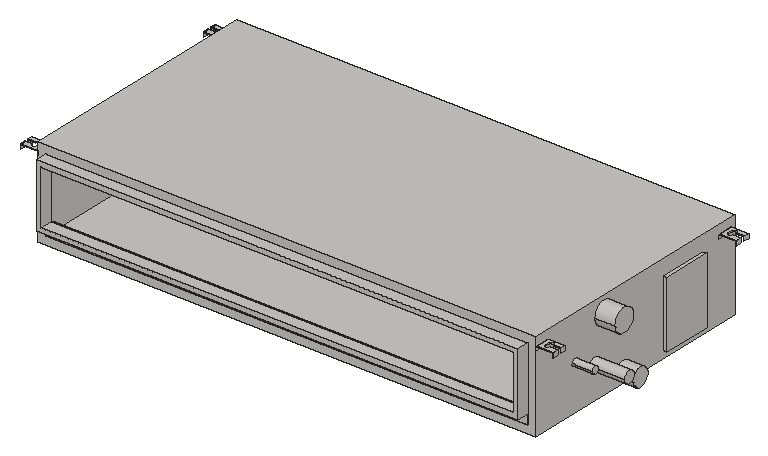
Revit family
Parameters (values of type "PEFY-P48NMAU-E")
  Wiring (Min.size of wire) = "1/8"  # constant formula
  Wiring (Amperage of wire breaker) = "15 A"  # constant formula
  Width = 55 1/8"
  Unit Weight (LBS) = "93"
  Unit = Metal - Steel Satin
  Temperature set range Remote controller Heating = "63 to 83 F"  # constant formula
  Temperature set range Remote controller Cooling = "67 to 86 F"  # constant formula
  Subcategory = "HVAC"  # constant formula
  Specification URL = ""
  Sound Pressure Levels (dB(A)) = "35,40,44"
  SmartBIM Object Version = 3  # constant formula
  SmartBIM Object Created By = "Reed Construction Data"  # constant formula
  Refrigerant control device = "LEV"  # constant formula
  Refrigerant Pipe Liquid = 3/8"
  Refrigerant Pipe Gas = 5/8"
  Refirigerant Pipe diameter (Liquid) = "3/8\""
  Refirigerant Pipe diameter (Gas) = "5/8\""
  Protection devices = "Fuse"  # constant formula
  Power input Heating = "0.32 kW"
  Power input Cooling = "0.34 kW"
  Power Source = "208/230, 1, 60"  # constant formula
  Moter Type = "DC blushless motor"  # constant formula
  Moter Output = "0.244 kW"
  Model = "PEFY-P48NMAU-E"
  Manufacturer URL = ""
  Manufacturer = "Mitsubishi Electric"  # constant formula
  Insulation material = "EPS, Polyethylene foam, Urethane foam"  # constant formula
  Installation URL = ""
  Height = 9 7/8"
  Heating Capacity (kcal/h) = "13,600"
  Heating Capacity (kW) = "15.8"
  Heating Capacity (BTU) = "54,000"
  Heat exchanger = "Cross fin(Aluminium fin and copper tube)"  # constant formula
  Fan Type x Quantity = "Sirocco fan x 2"
  E.S.P(mmH2O) = "3.6,5.1,7.1,10.2,15.3"  # constant formula
  E.S.P(Pa) = "35,50,70,100,150"  # constant formula
  E.S.P(In. W.G.) = "0.14,0.20,0.28,0.40,0.60"  # constant formula
  Driving mechanism = "Direct-driven by motor"  # constant formula
  Current Heating = "1.97 A"
  Current Cooling = "2.08 A"
  Cooling Capacity (kcal/h) = "12,100"
  Cooling Capacity (kW) = "14.1"
  Cooling Capacity (BTU) = "48,000"
  Connectable outdoor unit = "R410A,R22 CITY MULTI"  # constant formula
  Back Air Inlet = Grille
  Drain Pump = 1"
  Drain piping diameter = 1 1/4"
  Depth = 28 7/8"
  Back Air Inlet Height = Height - 7/8" * 2  # 8 1/8"
  Back Air Inlet Width = Width - 7/8" * 2  # 53 3/8"
  Assembly Code = "D3050200"
  Airflow rate(Low-Mid-High) (m3/min) = "28.0,34.0,40.0"
  Airflow rate(Low-Mid-High) (cfm) = "989,1201,1412"
  Airflow rate(Low-Mid-High) (L/s) = "467,567,667"
  Air Outlet Width = Width - 2 * 7/8"  # 53 3/8"
  Air Outlet Height = Back Air Inlet Height - 1 1/16"  # 7 1/16"
  Air Filter = "PP Honeycomb fabric"  # constant formula
  95 CSI = "15760"  # constant formula
  04 CSI = "23 82 19"  # constant formula
Types (12): name | Width | Unit Weight (LBS) | Sound Pressure Levels (dB(A)) | Refrigerant Pipe Liquid | Refrigerant Pipe Gas | Refirigerant Pipe diameter (Liquid) | Refirigerant Pipe diameter (Gas) | Power input Heating | Power input Cooling | Moter Output | Model | Heating Capacity (kcal/h) | Heating Capacity (kW) | Heating Capacity (BTU) | Fan Type x Quantity | Current Heating | Current Cooling | Cooling Capacity (kcal/h) | Cooling Capacity (kW) | Cooling Capacity (BTU) | Back Air Inlet Width | Airflow rate(Low-Mid-High) (m3/min) | Airflow rate(Low-Mid-High) (cfm) | Airflow rate(Low-Mid-High) (L/s) | Air Outlet Width
  (no name) | 55 1/8" | "93" | "35,40,44" | 3/8" | 5/8" | "3/8\"" | "5/8\"" | "0.32 kW" | "0.34 kW" | "0.244 kW" | "PEFY-P48NMAU-E" | "13,600" | "15.8" | "54,000" | "Sirocco fan x 2" | "1.97 A" | "2.08 A" | "12,100" | "14.1" | "48,000" | 53 3/8" | "28.0,34.0,40.0" | "989,1201,1412" | "467,567,667" | 53 3/8"
  PEFY-P06NMAU-E | 27 9/16" | "51" | "26,28,29" | 1/4" | 1/2" | "1/4\"" | "1/2\"" | "0.04 kW" | "0.06 kW" | "0.085 kW" | "PEFY-P06NMAU-E" | "1,700" | "2.0" | "6,700" | "Sirocco fan x 1" | "0.45 A" | "0.56 A" | "1,500" | "1.8" | "6,000" | 25 13/16" | "6.0,7.5,8.5" | "212,265,300" | "100,125,142" | 25 13/16"
  PEFY-P08NMAU-E | 27 9/16" | "51" | "26,28,29" | 1/4" | 1/2" | "1/4\"" | "1/2\"" | "0.04 kW" | "0.06 kW" | "0.085 kW" | "PEFY-P08NMAU-E" | "2,200" | "2.6" | "9,000" | "Sirocco fan x 1" | "0.45 A" | "0.56 A" | "2,000" | "2.3" | "8,000" | 25 13/16" | "6.0,7.5,8.5" | "212,265,300" | "100,125,142" | 25 13/16"
  PEFY-P12NMAU-E | 27 9/16" | "51" | "26,28,29" | 1/4" | 1/2" | "1/4\"" | "1/2\"" | "0.07 kW" | "0.09 kW" | "0.085 kW" | "PEFY-P12NMAU-E" | "3,400" | "4.0" | "13,500" | "Sirocco fan x 1" | "0.55 A" | "0.66 A" | "3,000" | "3.5" | "12,000" | 25 13/16" | "7.5,9.0,10.5" | "265,318,371" | "125,150,175" | 25 13/16"
  PEFY-P15NMAU-E | 35 7/16" | "58" | "28,30,34" | 1/4" | 1/2" | "1/4\"" | "1/2\"" | "0.07 kW" | "0.09 kW" | "0.085 kW" | "PEFY-P15NMAU-E" | "4,300" | "5.0" | "17,000" | "Sirocco fan x 1" | "0.56 A" | "0.67 A" | "3,800" | "4.4" | "15,000" | 33 11/16" | "10.0,12.0,14.0" | "353,424,494" | "167,200,233" | 33 11/16"
  PEFY-P18NMAU-E | 35 7/16" | "58" | "28,32,35" | 1/4" | 1/2" | "1/4\"" | "1/2\"" | "0.09 kW" | "0.11 kW" | "0.085 kW" | "PEFY-P18NMAU-E" | "5,100" | "5.9" | "20,000" | "Sirocco fan x 1" | "0.66 A" | "0.77 A" | "4,600" | "5.3" | "18,000" | 33 11/16" | "12.0,14.5,17.0" | "424,512,600" | "200,242,283" | 33 11/16"
  PEFY-P24NMAU-E | 43 5/16" | "71" | "29,32,36" | 3/8" | 5/8" | "3/8\"" | "5/8\"" | "0.10 kW" | "0.12 kW" | "0.121 kW" | "PEFY-P24NMAU-E" | "6,800" | "7.9" | "27,000" | "Sirocco fan x 2" | "0.93 A" | "1.04 A" | "6,000" | "7.0" | "24,000" | 41 9/16" | "13.5.0,16.0,19.0" | "477,565,671" | "225,267,317" | 41 9/16"
  PEFY-P27NMAU-E | 43 5/16" | "71" | "30,34,38" | 3/8" | 5/8" | "3/8\"" | "5/8\"" | "0.12 kW" | "0.14 kW" | "0.121 kW" | "PEFY-P27NMAU-E" | "7,600" | "8.8" | "30,000" | "Sirocco fan x 2" | "1.07 A" | "1.18 A" | "6,800" | "7.9" | "27,000" | 41 9/16" | "14.5,18.0,21.0" | "512,636,742" | "242,300,350" | 41 9/16"
  PEFY-P30NMAU-E | 43 5/16" | "71" | "30,34,38" | 3/8" | 5/8" | "3/8\"" | "5/8\"" | "0.12 kW" | "0.14 kW" | "0.121 kW" | "PEFY-P30NMAU-E" | "8,600" | "10.0" | "34,000" | "Sirocco fan x 2" | "1.07 A" | "1.18 A" | "7,600" | "8.8" | "30,000" | 41 9/16" | "14.5,18.0,21.0" | "512,636,742" | "242,300,350" | 41 9/16"
  PEFY-P36NMAU-E | 55 1/8" | "93" | "32,37,41" | 3/8" | 5/8" | "3/8\"" | "5/8\"" | "0.22 kW" | "0.24 kW" | "0.244 kW" | "PEFY-P36NMAU-E" | "10,100" | "11.7" | "40,000" | "Sirocco fan x 2" | "1.39 A" | "1.50 A" | "9,100" | "10.6" | "36,000" | 53 3/8" | "23.0,28.0,33.0" | "812,989,1165" | "383,467,550" | 53 3/8"
  PEFY-P48NMAU-E | 55 1/8" | "93" | "35,40,44" | 3/8" | 5/8" | "3/8\"" | "5/8\"" | "0.32 kW" | "0.34 kW" | "0.244 kW" | "PEFY-P48NMAU-E" | "13,600" | "15.8" | "54,000" | "Sirocco fan x 2" | "1.97 A" | "2.08 A" | "12,100" | "14.1" | "48,000" | 53 3/8" | "28.0,34.0,40.0" | "989,1201,1412" | "467,567,667" | 53 3/8"
  PEFY-P54NMAU-E | 63" | "102" | "36,41,45" | 3/8" | 5/8" | "3/8\"" | "5/8\"" | "0.34 kW" | "0.36 kW" | "0.244 kW" | "PEFY-P54NMAU-E" | "15,100" | "17.6" | "60,000" | "Sirocco fan x 2" | "2.13 A" | "2.24 A" | "13,600" | "15.8" | "54,000" | 61 1/4" | "29.5,35.5,42.0" | "1042,1254,1483" | "492,592,700" | 61 1/4"
Reference planes (in)
  plane 1 "Center (Front/Back)": y = 3.27848
  plane 2 "Ceiling": z = 96.5
  plane 3 "Center (Left/Right)": x = -3.43877
  plane 4: x = -31.00127
  plane 5: x = 24.12373
  plane 6: y = 17.71598
  plane 7: y = -11.15902
  plane 8: z = 97.3125
  plane 9: z = 107.1875
  plane 10: y = -9.84652
  plane 11: z = 106.3125
  plane 12: x = -30.12627
  plane 13: z = 98.1875
  plane 14: x = 23.24873
  plane 15: z = 99.25
  plane 16: y = -8.97152
  plane 17: x = -32.96978
  plane 18: x = 26.09223
  plane 19: y = 17.15348
  plane 20: y = 15.49994
  plane 21: y = -8.19298
  plane 22: y = 18.21598
  plane 23: y = -4.47152
  plane 24: y = -1.78402
  plane 25: z = 102.375
  plane 26: z = 101.0625
  plane 27: x = 26.43623
  plane 28: x = 28.06123
  plane 29: y = -0.47152
  plane 30: z = 105.5625
  plane 31: y = 2.21598
  plane 32: z = 98.625
Forms (in)
  Extrusion 1, solid, material "Metal - Steel Satin" <- "Unit"
    sketch origin (0, 3.27848, 0) x (1, 0, 0) y (0, 0, 1)
      loop
        line (-31.00127, 107.1875) -> (-31.00127, 97.3125) -> (24.12373, 97.3125) -> (24.12373, 107.1875) -> (-31.00127, 107.1875)
      loop
        line (-30.12627, 106.3125) -> (-30.12627, 98.1875) -> (23.24873, 98.1875) -> (23.24873, 106.3125) -> (-30.12627, 106.3125)
    from -14.4375 to 13.125
  Extrusion 2, solid, material "Metal - Steel Satin" <- "Unit"
    sketch origin (0, 3.27848, 0) x (1, 0, 0) y (0, 0, 1)
      loop
        line (-30.12627, 99.25) -> (23.24873, 99.25) -> (23.24873, 106.3125) -> (-30.12627, 106.3125) -> (-30.12627, 99.25)
      loop
        line (22.74873, 105.8125) -> (-29.62627, 105.8125) -> (-29.62627, 99.75) -> (22.74873, 99.75) -> (22.74873, 105.8125)
    from 13.125 to 14.4375
  Extrusion 3, solid, material "Metal - Steel Satin" <- "Unit"
    sketch origin (0, 3.27848, 0) x (1, 0, 0) y (0, 0, 1)
      loop
        line (-30.12627, 99.25) -> (-30.12627, 98.1875) -> (23.24873, 98.1875) -> (23.24873, 99.25) -> (-30.12627, 99.25)
    from 12.25 to 13.125
  Extrusion 4, solid, material "Grille" <- "Back Air Inlet"
    sketch origin (0, 3.27848, 0) x (1, 0, 0) y (0, 0, 1)
      loop
        line (-30.12627, 106.3125) -> (-30.12627, 98.1875) -> (23.24873, 98.1875) -> (23.24873, 106.3125) -> (-30.12627, 106.3125)
    from -14.9375 to -14.4375
  Extrusion 5, solid, material "Metal - Steel Satin" <- "Unit"
    sketch origin (-3.43877, 0, 0) x (0, 1, 0) y (0, 0, 1)
      loop
        circle (-4.47152, 102.375) r 0.375
    from 27.5625 to 29.875
  Extrusion 6, solid, material "Metal - Steel Satin" <- "Unit"
    sketch origin (-3.43877, 0, 0) x (0, 1, 0) y (0, 0, 1)
      loop
        circle (-1.78402, 101.0625) r 0.625
    from 27.5625 to 31.5
  Extrusion 7, solid, material "Metal - Steel Satin" <- "Unit"
    sketch origin (-3.43877, 0, 0) x (0, 1, 0) y (0, 0, 1)
      loop
        circle (-0.47152, 105.5625) r 1.25
    from 27.5625 to 29.875
  Extrusion 8, solid, material "Metal - Steel Satin" <- "Unit"
    sketch origin (-3.43877, 0, 0) x (0, 1, 0) y (0, 0, 1)
      loop
        circle (2.21598, 98.625) r 1
    from 27.5625 to 29.531
  Extrusion 9, solid, material "Metal - Steel Satin" <- "Unit"
    sketch origin (24.12373, 3.27848, 97.3125) x (0, 0, 1) y (0, -1, 0)
      loop
        line (8.25, -4.4375) -> (0.875, -4.4375) -> (0.875, -9.9375) -> (8.25, -9.9375) -> (8.25, -4.4375)
    from 0 to 0.5
Lines and regions (in)
  sketch lines
    curve 1: line (-63.43877, 63.27848, 0) -> (56.56123, 63.27848, 0)
    curve 2: line (-63.43877, 63.27848, 0) -> (-63.43877, -56.72152, 0)
    curve 3: line (-63.43877, -56.72152, 0) -> (56.56123, -56.72152, 0)
    curve 4: line (56.56123, 63.27848, 0) -> (56.56123, -56.72152, 0)
Dimensions and locks (in)
  equal spacing: curve 2, plane 3 "Center (Left/Right)", curve 4
  equal spacing: curve 3, plane 1 "Center (Front/Back)", curve 1
  curve 2 to curve 4 = 120"
  curve 3 to curve 1 = 120"
  equal spacing: plane 4, plane 3 "Center (Left/Right)", plane 5
  "Width": plane 4 to plane 5
  equal spacing: plane 6, plane 1 "Center (Front/Back)", plane 7
  "Depth": plane 6 to plane 7
  "Height": plane 9 to plane 8
  locked: plane 10 to plane 7 at 1.3125
  locked: plane 14 to plane 5 at 0.875
  locked: plane 4 to plane 12 at 0.875
  locked: plane 9 to plane 11 at 0.875
  locked: plane 13 to plane 8 at 0.875
  locked: plane 15 to plane 13 at 1.0625
  locked: Extrusion 1 to Extrusion 2 sketch curve at 0.5  (x3)
  locked: Extrusion 2 sketch curve to Extrusion 2 sketch curve at 0.5
  locked: plane 16 to plane 10 at 0.875
  locked: plane 17 to plane 4 at 1.9685
  locked: plane 5 to plane 18 at 1.9685
  locked: plane 6 to plane 19 at 0.5625
  locked: plane 19 to plane 20 at 1.65354
  locked: plane 21 to plane 10 at 1.65354
  "Back Air Inlet Width": Extrusion 1 to Extrusion 1
  locked: plane 22 to plane 6 at 0.5
  "Back Air Inlet Height": Extrusion 2 to Extrusion 3
  locked: plane 7 to plane 23 at 6.6875
  locked: plane 7 to plane 24 at 9.375
  locked: plane 9 to plane 25 at 4.8125
  locked: plane 9 to plane 26 at 6.125
  locked: plane 5 to plane 27 at 2.3125
  locked: plane 5 to plane 28 at 3.9375
  locked: plane 7 to plane 29 at 10.6875
  locked: plane 9 to plane 30 at 1.625
  locked: plane 10 to plane 31 at 12.0625
  locked: plane 9 to plane 32 at 8.5625
  "Air Outlet Width": Extrusion 2 to Extrusion 2
  locked: plane 8 to plane 2 "Ceiling" at 0.8125
  locked: Extrusion 9 sketch curve to plane 6 at 4.5
  locked: Extrusion 9 sketch curve to plane 6 at 10
  "Refrigerant Pipe Liquid": radius of Extrusion 5 sketch curve
  "Refrigerant Pipe Gas": radius of Extrusion 6 sketch curve
  "Drain piping diameter": radius of Extrusion 7 sketch curve
  "Drain Pump": radius of Extrusion 8 sketch curve
  aligned and locked: Extrusion 1 sketch curve to plane 9
  aligned and locked: Extrusion 1 sketch curve to plane 11
  aligned and locked: Extrusion 1 sketch curve to plane 4
  aligned and locked: Extrusion 1 sketch curve to plane 12
  aligned and locked: Extrusion 1 sketch curve to plane 8
  aligned and locked: Extrusion 1 sketch curve to plane 13
  aligned and locked: Extrusion 1 sketch curve to plane 5
  aligned and locked: Extrusion 1 sketch curve to plane 14
  aligned and locked: plane 6 to Extrusion 1
  aligned and locked: Extrusion 1 to plane 10
  aligned and locked: Extrusion 2 sketch curve to plane 12
  aligned and locked: Extrusion 2 sketch curve to plane 11
  aligned and locked: Extrusion 2 sketch curve to plane 15
  aligned and locked: plane 10 to Extrusion 2
  aligned and locked: Extrusion 2 to plane 7
  aligned and locked: Extrusion 3 sketch curve to plane 15
  aligned and locked: Extrusion 3 sketch curve to plane 12
  aligned and locked: Extrusion 3 sketch curve to plane 13
  aligned and locked: Extrusion 3 sketch curve to plane 14
  aligned and locked: Extrusion 3 to plane 10
  aligned and locked: Extrusion 3 to plane 16
  aligned and locked: nested 1 to plane 4
  aligned and locked: nested 1 to plane 10
  aligned and locked: plane 10 to nested 2
  aligned and locked: plane 19 to nested 4
  aligned and locked: nested 3 to plane 19
  aligned and locked: plane 20 to nested 4
  aligned and locked: plane 20 to nested 3
  aligned and locked: plane 21 to nested 1
  aligned and locked: nested 2 to plane 21
  aligned and locked: Extrusion 4 to plane 6
  aligned and locked: Extrusion 4 to plane 22
  aligned and locked: plane 23 to Extrusion 5 sketch curve
  aligned and locked: plane 25 to Extrusion 5 sketch curve
  aligned and locked: plane 5 to Extrusion 5
  aligned and locked: Extrusion 5 to plane 27
  aligned and locked: plane 24 to Extrusion 6 sketch curve
  aligned and locked: plane 26 to Extrusion 6 sketch curve
  aligned and locked: plane 5 to Extrusion 6
  aligned and locked: Extrusion 6 to plane 28
  aligned and locked: plane 30 to Extrusion 7 sketch curve
  aligned and locked: plane 29 to Extrusion 7 sketch curve
  aligned and locked: plane 5 to Extrusion 7
  aligned and locked: Extrusion 7 to plane 27
  aligned and locked: plane 31 to Extrusion 8 sketch curve
  aligned and locked: plane 32 to Extrusion 8 sketch curve
  aligned and locked: plane 5 to Extrusion 8
  aligned and locked: Extrusion 8 to plane 18
  aligned and locked: plane 4 to nested 3
  aligned and locked: nested 3 to plane 11
  aligned and locked: plane 11 to nested 1
  aligned and locked: nested 2 to plane 5
  aligned and locked: plane 5 to nested 4
  aligned and locked: nested 2 to plane 11
  aligned and locked: plane 11 to nested 4
  aligned and locked: plane 2 "Ceiling" to host ceiling
  aligned and locked: Extrusion 9 sketch curve to plane 30
  aligned and locked: plane 13 to Extrusion 9 sketch curve
Automatic sketch dimensions
  Extrusion 4 sketch curve to plane 11 = 0"
  Extrusion 4 sketch curve to plane 12 = 0"
  Extrusion 4 sketch curve to plane 15 = 1 1/16"
  Extrusion 4 sketch curve to plane 14 = 0"
  Extrusion 2 sketch curve to plane 14 = 0"
Nested families (in)
  nested 1: "Family6" at (-31.86742, -9.01975, 105.81091), type "Family6"
  nested 2: "Family6" at (24.98987, -9.01975, 105.81091) x (-1, 0, 0) z (0, 0, 1), type "Family6"
  nested 3: "Family6" at (-31.86742, 16.32671, 105.81091), type "Family6"
  nested 4: "Family6" at (24.98987, 16.32671, 105.81091) x (-1, 0, 0) z (0, 0, 1), type "Family6"
Connectors (in)
  hvac at (-3.43877, -11.15902, 102.78125), driven by "Air Outlet Height", driven by "Air Outlet Width"
    settings: on Extrusion 2, index 1
  hvac at (-3.43877, 18.21598, 102.25), driven by "Back Air Inlet Height", driven by "Back Air Inlet Width"
    settings: on Extrusion 4, index 2
  piping at (26.43623, -0.47152, 105.5625), driven by "Drain piping diameter"
    settings: on Extrusion 7, index 3
  piping at (28.06123, -1.78402, 101.0625), driven by "Refrigerant Pipe Gas"
    settings: on Extrusion 6, index 4
  piping at (26.43623, -4.47152, 102.375), driven by "Refrigerant Pipe Liquid"
    settings: on Extrusion 5, index 5
  piping at (26.09223, 2.21598, 98.625), driven by "Drain Pump"
    settings: on Extrusion 8, index 6
  electrical at (24.62373, 10.46598, 101.875)
    settings: on Extrusion 9, index 7
Definition of nested family "Family6"
  Parameters (values of type "Family6")
    Clamp = Galvanized Steel Plate
    Assembly Code = ""
  Reference planes (in)
    plane 1 "Center (Front/Back)": y = 0
    plane 2: z = 0
    plane 3 "Center (Left/Right)": x = 0
  Forms (in)
    Extrusion 1, solid, material "Galvanized Steel Plate" <- "Clamp"
      sketch origin (0, 0, 0) x (1, 0, 0) y (0, 1, 0)
        loop
          line (0.27559, 0.23622) -> (0.27559, -0.23622)
          arc (0.27559, -0.23622) -> (0, -0.51181) -> (-0.27559, -0.23622) r 0.27559
          line (-0.27559, -0.23622) -> (-1.10261, -0.23622) -> (-1.10261, -0.82677) -> (0.86614, -0.82677) -> (0.86614, 0.82677) -> (-1.10261, 0.82677) -> (-1.10261, 0.23622) -> (-0.27559, 0.23622)
          arc (-0.27559, 0.23622) -> (0, 0.51181) -> (0.27559, 0.23622) r 0.27559
      from 0.43909 to 0.50159
    Extrusion 2, solid, material "Galvanized Steel Plate" <- "Clamp"
      sketch origin (0, 0, 0) x (1, 0, 0) y (0, 1, 0)
        loop
          line (-1.04009, 0.82677) -> (-1.10261, 0.82677) -> (-1.10261, 0.23622) -> (-1.04009, 0.23622) -> (-1.04009, 0.82677)
        loop
          line (-1.10261, -0.82677) -> (-1.04009, -0.82677) -> (-1.04009, -0.23622) -> (-1.10261, -0.23622) -> (-1.10261, -0.82677)
        loop
          line (0.86614, -0.82677) -> (0.86614, 0.82677) -> (0.80362, 0.82677) -> (0.80362, -0.82677) -> (0.86614, -0.82677)
      from 0 to 0.50159
  Cuts and joins
    joined: Extrusion 1, Extrusion 2
  Dimensions and locks (in)
    Extrusion 1 sketch curve to plane 3 "Center (Left/Right)" to Extrusion 1 sketch curve = 1.10261", 0.86614" locked
    Extrusion 1 sketch curve to Extrusion 1 sketch curve to plane 1 "Center (Front/Back)" to Extrusion 1 sketch curve to Extrusion 1 sketch curve = 0.59055" locked, 0.23622" locked, 0.23622" locked, 0.59055" locked
    Extrusion 1 sketch curve to Extrusion 1 sketch curve = 0.82702"
    locked: Extrusion 1 sketch curve to Extrusion 1 sketch curve at 0.82702
    locked: Extrusion 1 sketch curve to plane 1 "Center (Front/Back)" at 0.51181
    locked: plane 1 "Center (Front/Back)" to Extrusion 1 sketch curve at 0.51181
    locked: Extrusion 1 to Extrusion 1 at 0.0625
    locked: cut or joined group of Extrusion 1, Extrusion 2 to cut or joined group of Extrusion 1, Extrusion 2 at 0.06252  (x2)
    aligned and locked: Extrusion 1 sketch curve to Extrusion 1 sketch curve
    aligned and locked: Extrusion 1 to Extrusion 2 sketch curve  (x2)
    aligned and locked: Extrusion 1 to Extrusion 2
    aligned and locked: Extrusion 2 to level
